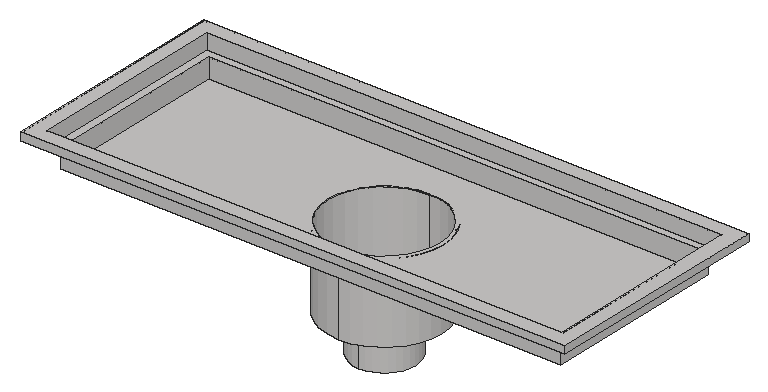
Revit family "QF_ZANUSSI_328062_FDB40100", category Attrezzature speciali, Revit 2020
Family settings
  Quota connettore circolare = Usa diametro
  Tipo di parte = Normale
  Basato su piano di lavoro = No
  Sempre verticale = Sì
  Taglio con vuoti quando caricato = No
  Condiviso = No
  Punto di calcolo locali = No
Parameters (values of type "Standard")
  Weight = 44.0925 lbm
  Watts = 0 W
  Volts = 0 V
  URL Manufacturer = "http://www.zanussiprofessional.com"
  URL = "http://www.zanussiprofessional.com"
  Steam Supply Size = 0"
  Steam Supply Minimum Pressure = 0.00 psi
  Steam Supply Maximum Pressure = 0.00 psi
  Steam Consumption per Hour = 0
  Refrigeration Suction Line Size = 0 mm
  Refrigeration Liquid Line Size = 0 mm
  Refrigerant Compressor Remote = yes
  Prospetto di default = 0 mm
  Phase = 0
  Modello = "FDB40100"
  Produttore = "Zanussi"
  Length Actual = 950 mm  # constant formula
  Item Number = "328062"
  Hot Water Size = 0"
  Height Actual = 265 mm  # constant formula
  HP = "0 HP"
  Gas Size = 0"
  Gas KW = 0
  Gas Input Pressure = 0.0 Btu/h
  Direct Waste Size = 3.93701"
  Descrizione = "FLR.DRAIN+GRATE+C.SIPH-VERT. OUT.400X950"
  Depth Actual = 400 mm  # constant formula
  Cycle = 0 Hz
  Condensate Return Size = 0"
  Compressed Air Volume = 0 GPM
  Compressed Air Size = 0"
  Compressed Air Pressure = 0.00 psi
  Cold Water Size = 0"
  Assembly Code = ""
  Accessory = yes
Reference planes
  plane 1: z = 0
  plane 2 "Center (Front/Back)": y = -102.225
  plane 3 "Center (Left/Right)": x = 9.791
  plane 4 "TOP": z = -265
  plane 5 "Back": y = 97.775
  plane 6 "Front": y = -302.225
  plane 7: x = -140.209
  plane 8: x = 159.791
  plane 9 "Right": x = 484.791
  plane 10 "Left": x = -465.209
  plane 11: x = 459.791
Forms (mm)
  Revolve 1, solid, material "QF_Metal-Stainless-Polished"
    sketch origin (9.791, 0, 0) x (0, 1, 0) y (0, 0, 1)
      loop
        line (-2.225, -62) -> (0.775, -62) -> (0.775, -60) -> (-4.225, -60) -> (-4.225, -198) -> (-49.225, -198) -> (-49.225, -265) -> (-47.225, -265) -> (-47.225, -200) -> (-2.225, -200) -> (-2.225, -62)
      axis (-102.225, -265) -> (-102.225, -60)
    angle from 0 to 360
  Sweep 2, solid, material "QF_Finishes_Stainless Steel"
    path origin (0, 0, 0) x (1, 0, 0) y (0, 1, 0)
      loop
        line (-465.209, 97.775) -> (-465.209, -302.225) -> (484.791, -302.225) -> (484.791, 97.775) -> (-465.209, 97.775)
    profile origin (9.791, 97.775, 0) x (0, 1, 0) y (0, 0, 1)
      loop
        line (0, -11.945) -> (0, 1) -> (-26, 1) -> (-26, -25) -> (-40, -25) -> (-40, -59) -> (-50, -59) -> (-50, -60) -> (-39, -60) -> (-39, -26) -> (-25, -26) -> (-25, 0.055) -> (-1, 0.055) -> (-1, -11.945) -> (0, -11.945)
  Extrusion 3, solid, material "QF_Finishes_Stainless Steel"
    sketch origin (0, 0, 0) x (1, 0, 0) y (0, 1, 0)
      loop
        line (-415.209, 47.775) -> (-415.209, -252.225) -> (434.791, -252.225) -> (434.791, 47.775) -> (-415.209, 47.775)
      loop
        circle (9.791, -102.225) r 98
    from -59 to -60
Cuts and joins
  joined: Sweep 2, Extrusion 3
Lines and regions (mm)
  symbolic lines
    curve 1: line (-465.209, 97.775, 0) -> (484.791, 97.775, 0)
    curve 2: line (-465.209, -302.225, 0) -> (-465.209, 97.775, 0)
    curve 3: line (484.791, -302.225, 0) -> (-465.209, -302.225, 0)
    curve 4: line (484.791, 97.775, 0) -> (484.791, -302.225, 0)
    curve 5: circle (9.791, -102.225, 0) r 115 normal (0, 0, 1)
    curve 18: circle (9.791, -102.225, 0) r 115 normal (0, 0, -1)
    curve 24: circle (9.791, -102.225, 0) r 53 normal (0, 0, 1)
    curve 70: line (-440.209, 72.775, 0) -> (-440.209, -277.225, 0)
    curve 71: line (459.791, 72.775, 0) -> (-440.209, 72.775, 0)
    curve 72: line (-440.209, -277.225, 0) -> (459.791, -277.225, 0)
    curve 73: line (459.791, -277.225, 0) -> (459.791, 72.775, 0)
  model lines
    curve 6: line (-100.209, 71.775, 0) -> (-100.209, -276.225, 0)
    curve 7: line (-80.209, 71.775, 0) -> (-80.209, -276.225, 0)
    curve 8: line (-60.209, 71.775, 0) -> (-60.209, -276.225, 0)
    curve 9: line (-40.209, 71.775, 0) -> (-40.209, -276.225, 0)
    curve 10: line (-20.209, 71.775, 0) -> (-20.209, -276.225, 0)
    curve 11: line (-0.209, 71.775, 0) -> (-0.209, -276.225, 0)
    curve 12: line (19.791, 71.775, 0) -> (19.791, -276.225, 0)
    curve 13: line (39.791, 71.775, 0) -> (39.791, -276.225, 0)
    curve 14: line (59.791, 71.775, 0) -> (59.791, -276.225, 0)
    curve 15: line (79.791, 71.775, 0) -> (79.791, -276.225, 0)
    curve 16: line (99.791, 71.775, 0) -> (99.791, -276.225, 0)
    curve 17: line (119.791, 71.775, 0) -> (119.791, -276.225, 0)
    curve 19: line (-440.209, -22.225, 0) -> (459.791, -22.225, 0)
    curve 20: line (-440.209, -42.225, 0) -> (459.791, -42.225, 0)
    curve 21: line (-440.209, -62.225, 0) -> (459.791, -62.225, 0)
    curve 22: line (-440.209, -102.225, 0) -> (459.791, -102.225, 0)
    curve 23: line (-440.209, -122.225, 0) -> (459.791, -122.225, 0)
    curve 25: line (-440.209, 37.775, 0) -> (459.791, 37.775, 0)
    curve 26: line (-440.209, 17.775, 0) -> (459.791, 17.775, 0)
    curve 27: line (-440.209, -2.225, 0) -> (459.791, -2.225, 0)
    curve 28: line (-440.209, -202.225, 0) -> (459.791, -202.225, 0)
    curve 29: line (-440.209, -182.225, 0) -> (459.791, -182.225, 0)
    curve 30: line (-440.209, -162.225, 0) -> (459.791, -162.225, 0)
    curve 31: line (-440.209, -142.225, 0) -> (459.791, -142.225, 0)
    curve 32: line (-440.209, -262.225, 0) -> (459.791, -262.225, 0)
    curve 33: line (-440.209, -242.225, 0) -> (459.791, -242.225, 0)
    curve 34: line (-440.209, -222.225, 0) -> (459.791, -222.225, 0)
    curve 35: line (-440.209, 57.775, 0) -> (459.791, 57.775, 0)
    curve 36: line (139.791, 71.775, 0) -> (139.791, -276.225, 0)
    curve 37: line (159.791, 71.775, 0) -> (159.791, -276.225, 0)
    curve 38: line (179.791, 71.775, 0) -> (179.791, -276.225, 0)
    curve 39: line (199.791, 71.775, 0) -> (199.791, -276.225, 0)
    curve 40: line (219.791, 71.775, 0) -> (219.791, -276.225, 0)
    curve 41: line (239.791, 71.775, 0) -> (239.791, -276.225, 0)
    curve 42: line (259.791, 71.775, 0) -> (259.791, -276.225, 0)
    curve 43: line (279.791, 71.775, 0) -> (279.791, -276.225, 0)
    curve 44: line (299.791, 71.775, 0) -> (299.791, -276.225, 0)
    curve 45: line (319.791, 71.775, 0) -> (319.791, -276.225, 0)
    curve 46: line (339.791, 71.775, 0) -> (339.791, -276.225, 0)
    curve 47: line (359.791, 71.775, 0) -> (359.791, -276.225, 0)
    curve 48: line (379.791, 71.775, 0) -> (379.791, -276.225, 0)
    curve 49: line (399.791, 71.775, 0) -> (399.791, -276.225, 0)
    curve 50: line (419.791, 71.775, 0) -> (419.791, -276.225, 0)
    curve 51: line (439.791, 71.775, 0) -> (439.791, -276.225, 0)
    curve 52: line (459.791, 72.775, 0) -> (459.791, -277.225, 0)
    curve 53: line (-440.209, -82.225, 0) -> (459.791, -82.225, 0)
    curve 54: line (-360.209, 71.775, 0) -> (-360.209, -276.225, 0)
    curve 55: line (-340.209, 71.775, 0) -> (-340.209, -276.225, 0)
    curve 56: line (-320.209, 71.775, 0) -> (-320.209, -276.225, 0)
    curve 57: line (-300.209, 71.775, 0) -> (-300.209, -276.225, 0)
    curve 58: line (-280.209, 71.775, 0) -> (-280.209, -276.225, 0)
    curve 59: line (-260.209, 71.775, 0) -> (-260.209, -276.225, 0)
    curve 60: line (-240.209, 71.775, 0) -> (-240.209, -276.225, 0)
    curve 61: line (-220.209, 71.775, 0) -> (-220.209, -276.225, 0)
    curve 62: line (-200.209, 71.775, 0) -> (-200.209, -276.225, 0)
    curve 63: line (-180.209, 71.775, 0) -> (-180.209, -276.225, 0)
    curve 64: line (-160.209, 71.775, 0) -> (-160.209, -276.225, 0)
    curve 65: line (-140.209, 71.775, 0) -> (-140.209, -276.225, 0)
    curve 66: line (-120.209, 71.775, 0) -> (-120.209, -276.225, 0)
    curve 67: line (-420.209, 71.775, 0) -> (-420.209, -276.225, 0)
    curve 68: line (-400.209, 71.775, 0) -> (-400.209, -276.225, 0)
    curve 69: line (-380.209, 71.775, 0) -> (-380.209, -276.225, 0)
Dimensions and locks
  equal spacing: plane 8, plane 3 "Center (Left/Right)", plane 7
  level to plane 4 "TOP" = 265 mm
  locked: Revolve 1 sketch curve to Revolve 1 sketch curve at 100
  locked: Revolve 1 sketch curve to Revolve 1 sketch curve at 55
  locked: plane 8 to plane 7 at 300
  equal spacing: plane 6 "Front", plane 2 "Center (Front/Back)", plane 5 "Back"
  locked: plane 6 "Front" to plane 5 "Back" at 400
  equal spacing: plane 10 "Left", plane 3 "Center (Left/Right)", plane 9 "Right"
  locked: plane 10 "Left" to plane 9 "Right" at 950
  locked: plane 11 to plane 9 "Right" at 25
  aligned and locked: level to plane 1
  aligned and locked: Sweep 2 sketch curve to plane 9 "Right"
  aligned and locked: curve 4 to plane 9 "Right"
  aligned and locked: plane 10 "Left" to Sweep 2 sketch curve
  aligned and locked: plane 10 "Left" to curve 2
  aligned and locked: plane 11 to curve 25
Automatic sketch dimensions
  plane 6 "Front" to Sweep 2 sketch curve = 0 mm
  plane 5 "Back" to Sweep 2 sketch curve = 0 mm
  level to Sweep 2 sketch curve = 1 mm
  Sweep 2 sketch curve to profile plane = 0 mm
  profile plane to Sweep 2 sketch curve = 1 mm
  profile plane to Sweep 2 sketch curve = 25 mm
  Sweep 2 sketch curve to Sweep 2 sketch curve = 1 mm  (x4)
  Sweep 2 sketch curve to Sweep 2 sketch curve = 14 mm
  level to Sweep 2 sketch curve = 0.055 mm
  Sweep 2 sketch curve to Sweep 2 sketch curve = 12 mm
  Sweep 2 sketch curve to level = 25 mm
  Sweep 2 sketch curve to Sweep 2 sketch curve = 33 mm
  Sweep 2 sketch curve to Sweep 2 sketch curve = 10 mm
  Extrusion 3 sketch curve to plane 2 "Center (Front/Back)" = 0 mm
  Extrusion 3 sketch curve to plane 3 "Center (Left/Right)" = 0 mm
  Extrusion 3 sketch curve to plane 9 "Right" = 50 mm
  Extrusion 3 sketch curve to plane 6 "Front" = 50 mm
  plane 5 "Back" to Extrusion 3 sketch curve = 50 mm
  plane 10 "Left" to Extrusion 3 sketch curve = 50 mm
  curve 5 to curve 18 = 0 mm  (x2)
  curve 5 to curve 24 = 0 mm  (x2)
  curve 18 to curve 24 = 0 mm  (x2)
  curve 22 to plane 2 "Center (Front/Back)" = 0 mm
  curve 65 to plane 7 = 0 mm
  curve 18 to plane 2 "Center (Front/Back)" = 0 mm
  curve 18 to plane 3 "Center (Left/Right)" = 0 mm
  curve 37 to plane 8 = 0 mm
  curve 34 to plane 11 = 0 mm
  curve 33 to plane 11 = 0 mm
  curve 35 to plane 11 = 0 mm
  curve 31 to plane 11 = 0 mm
  curve 30 to plane 11 = 0 mm
  curve 29 to plane 11 = 0 mm
  curve 28 to plane 11 = 0 mm
  curve 27 to plane 11 = 0 mm
  curve 26 to plane 11 = 0 mm
  curve 23 to plane 11 = 0 mm
  curve 22 to plane 11 = 0 mm
  curve 21 to plane 11 = 0 mm
  curve 20 to plane 11 = 0 mm
  curve 19 to plane 11 = 0 mm
  curve 32 to plane 11 = 0 mm
  curve 72 to plane 11 = 0 mm
  curve 71 to plane 11 = 0 mm
  curve 53 to plane 11 = 0 mm
  plane 6 "Front" to curve 3 = 0 mm
  plane 5 "Back" to curve 2 = 0 mm
  plane 10 "Left" to curve 71 = 25 mm
  curve 52 to plane 6 "Front" = 25 mm
  plane 8 to curve 52 = 300 mm
  curve 72 to plane 6 "Front" = 25 mm
  plane 5 "Back" to curve 70 = 25 mm
  plane 5 "Back" to curve 73 = 25 mm
  curve 70 to curve 67 = 20 mm
  curve 67 to curve 68 = 20 mm
  curve 68 to curve 69 = 20 mm
  curve 69 to curve 54 = 20 mm
  curve 54 to curve 55 = 20 mm
  curve 55 to curve 56 = 20 mm
  curve 56 to curve 57 = 20 mm
  curve 57 to curve 58 = 20 mm
  curve 58 to curve 59 = 20 mm
  curve 59 to curve 60 = 20 mm
  curve 60 to curve 61 = 20 mm
  curve 61 to curve 62 = 20 mm
  curve 62 to curve 63 = 20 mm
  curve 64 to plane 7 = 20 mm
  curve 65 to curve 66 = 20 mm
  curve 66 to curve 6 = 20 mm
  curve 6 to curve 7 = 20 mm
  curve 7 to curve 8 = 20 mm
  curve 8 to curve 9 = 20 mm
  curve 9 to curve 10 = 20 mm
  curve 11 to plane 3 "Center (Left/Right)" = 10 mm
  plane 3 "Center (Left/Right)" to curve 12 = 10 mm
  curve 12 to curve 13 = 20 mm
  curve 13 to curve 14 = 20 mm
  curve 14 to curve 15 = 20 mm
  curve 15 to curve 16 = 20 mm
  curve 16 to curve 17 = 20 mm
  curve 36 to curve 37 = 20 mm
  plane 8 to curve 38 = 20 mm
  curve 38 to curve 39 = 20 mm
  curve 39 to curve 40 = 20 mm
  curve 40 to curve 41 = 20 mm
  curve 41 to curve 42 = 20 mm
  curve 42 to curve 43 = 20 mm
  curve 43 to curve 44 = 20 mm
  curve 44 to curve 45 = 20 mm
  curve 45 to curve 46 = 20 mm
  curve 46 to curve 47 = 20 mm
  curve 47 to curve 48 = 20 mm
  curve 48 to curve 49 = 20 mm
  curve 49 to curve 50 = 20 mm
  curve 50 to curve 51 = 20 mm
  curve 68 to plane 6 "Front" = 26 mm
  curve 6 to plane 6 "Front" = 26 mm
  curve 67 to curve 68 = 0 mm  (x2)
  curve 6 to curve 7 = 0 mm  (x2)
  curve 66 to curve 6 = 0 mm
  curve 7 to curve 8 = 0 mm  (x2)
  curve 65 to curve 66 = 0 mm  (x2)
  curve 8 to curve 9 = 0 mm  (x2)
  curve 64 to curve 65 = 0 mm  (x2)
  curve 68 to curve 69 = 0 mm
  curve 63 to plane 6 "Front" = 26 mm
  curve 11 to plane 6 "Front" = 26 mm
  curve 62 to curve 63 = 0 mm  (x2)
  curve 11 to curve 12 = 0 mm  (x2)
  curve 61 to curve 62 = 0 mm  (x2)
  curve 12 to curve 13 = 0 mm  (x2)
  curve 60 to curve 61 = 0 mm  (x2)
  curve 13 to curve 14 = 0 mm  (x2)
  curve 59 to curve 60 = 0 mm  (x2)
  curve 14 to curve 15 = 0 mm  (x2)
  curve 58 to curve 59 = 0 mm  (x2)
  curve 15 to curve 16 = 0 mm  (x2)
  curve 57 to curve 58 = 0 mm  (x2)
  curve 16 to curve 17 = 0 mm  (x2)
  curve 56 to curve 57 = 0 mm  (x2)
  curve 55 to curve 56 = 0 mm  (x2)
  curve 54 to curve 55 = 0 mm  (x2)
  curve 9 to curve 10 = 0 mm  (x2)
  curve 52 to curve 51 = 1 mm
  curve 50 to curve 51 = 0 mm  (x2)
  curve 49 to curve 50 = 0 mm
  curve 48 to curve 49 = 0 mm  (x2)
  curve 47 to curve 48 = 0 mm  (x2)
  curve 46 to curve 47 = 0 mm  (x2)
  curve 45 to curve 46 = 0 mm  (x2)
  curve 44 to curve 45 = 0 mm  (x2)
  curve 43 to curve 44 = 0 mm
  curve 42 to curve 43 = 0 mm  (x2)
  curve 41 to curve 42 = 0 mm  (x2)
  curve 40 to curve 41 = 0 mm
  curve 39 to curve 40 = 0 mm  (x2)
  curve 38 to curve 39 = 0 mm  (x2)
  curve 37 to curve 38 = 0 mm
  curve 36 to curve 37 = 0 mm  (x2)
  curve 72 to curve 32 = 15 mm
  curve 32 to curve 33 = 20 mm
  curve 33 to curve 34 = 20 mm
  curve 34 to curve 28 = 20 mm
  curve 28 to curve 29 = 20 mm
  curve 29 to curve 30 = 20 mm
  curve 30 to curve 31 = 20 mm
  curve 23 to curve 22 = 20 mm
  plane 2 "Center (Front/Back)" to curve 53 = 20 mm
  curve 53 to curve 21 = 20 mm
  curve 21 to curve 20 = 20 mm
  curve 20 to curve 19 = 20 mm
  curve 19 to curve 27 = 20 mm
  curve 27 to curve 26 = 20 mm
  curve 26 to curve 25 = 20 mm
  curve 35 to curve 70 = 15 mm
  plane 5 "Back" to curve 47 = 26 mm
  plane 5 "Back" to curve 36 = 26 mm
  plane 5 "Back" to curve 39 = 26 mm
  plane 5 "Back" to curve 50 = 26 mm
  plane 5 "Back" to curve 42 = 26 mm
  plane 5 "Back" to curve 69 = 26 mm
  curve 69 to curve 54 = 0 mm
  curve 17 to curve 36 = 0 mm
  plane 5 "Back" to curve 64 = 26 mm
  curve 10 to curve 11 = 0 mm
  curve 67 to curve 70 = 1 mm
  Revolve 1 sketch curve to plane 2 "Center (Front/Back)" = 0 mm
  Revolve 1 sketch curve to plane 4 "TOP" = 0 mm
  Revolve 1 sketch curve to Revolve 1 sketch curve = 2 mm  (x4)
  Revolve 1 sketch curve to Revolve 1 sketch curve = 3 mm
  plane 4 "TOP" to Revolve 1 sketch curve = 65 mm
  Revolve 1 sketch curve to level = 60 mm
  Revolve 1 sketch curve to plane 4 "TOP" = 344.6 mm
  level to Revolve 1 sketch curve = 2466.13 mm
  radius of Extrusion 3 sketch curve = 98 mm
  radius of curve 5 = 115 mm
  radius of curve 18 = 115 mm
  radius of curve 24 = 53 mm
Connectors
  piping at (9.791, -102.225, -265), diameter 100, driven by "Direct Waste Size"
    settings: on Revolve 1, index 1, connector inside diameter 24", connector length 0 mm, flow factor 0, pipe flow 0 GPM, pressure drop 0.00 psi, fitting loss kfactor 0, connector angle 0.00°, fixture units 0, engagement length 0 mm, angle of deflection 0.00°, flow configuration 1, flow direction 2, fitting loss method 0, system type 16, joint type 0, gender type 0, connector reference index -1, connector utility 0, adjustable connector no, is connector primary yes, connector description "Drain"
